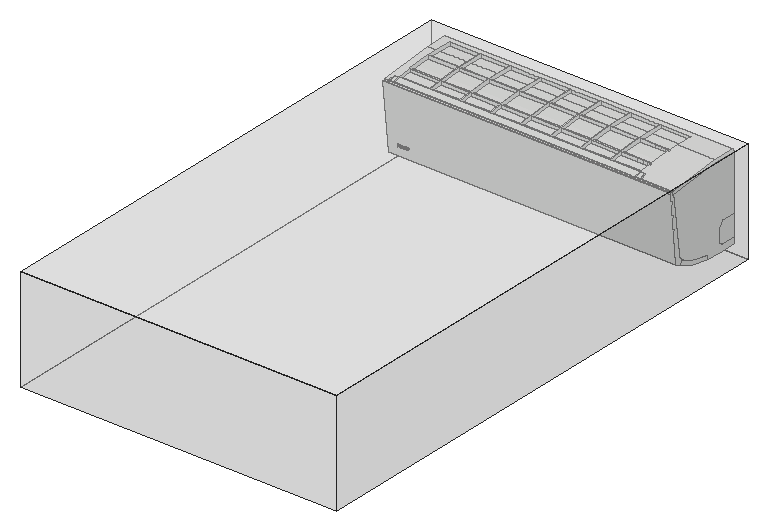
Revit family "outputfile", category 機械設備, Revit 2024 (continued)
Definition of nested family "DAIKIN_indoorunit_FTKF-CVA"
  Cuts and joins
    Extrusion 48, Extrusion 50 cuts Extrusion 38
    Extrusion 50 cuts Extrusion 49
    Extrusion 52, Extrusion 54 cuts Extrusion 2
    Extrusion 52, Extrusion 54 cuts Extrusion 6
    Extrusion 54 cuts Extrusion 53
    Extrusion 47 cuts Extrusion 46
  Lines and regions (mm)
    reference lines
      curve 1: line (-523, -203.827, -201.479) -> (-523, -197.847, -215.327)
      curve 2: line (-523, -218.956, -203.806) -> (-523, -217.93, -217.251)
      curve 3: line (-523, -253.284, -206.176) -> (-523, -252.024, -219.601)
  Dimensions and locks
    locked: Extrusion 9 sketch curve to Extrusion 9 sketch curve at 60
    locked: Extrusion 9 sketch curve to Extrusion 9 sketch curve at 50
    locked: Extrusion 11 sketch curve to Extrusion 11 sketch curve at 48.5
    equal spacing: plane 5, plane 3 "Center (Left/Right)", plane 4
    "Width": plane 5 to plane 4
    locked: Extrusion 8 sketch curve to plane 4 at 48
    "WALL HOLE-R": plane 5 to Extrusion 8 sketch curve
    "Height": plane 2 "reference_level" to plane 6
    locked: Extrusion 8 sketch curve to plane 6 at 45  (x2)
    Extrusion 13 to nested 2 = 36.0 mm
    locked: Extrusion 19 sketch curve to Extrusion 19 sketch curve at 60
    locked: Extrusion 20 sketch curve to Extrusion 20 sketch curve at 60
    Extrusion 21 sketch curve to Extrusion 21 sketch curve = 52.0 mm  (x2)
    Extrusion 11 sketch curve to Extrusion 11 sketch curve to plane 3 "Center (Left/Right)" = 60.0 mm locked, 286.0 mm locked
    plane 3 "Center (Left/Right)" to Extrusion 11 sketch curve to Extrusion 11 sketch curve = 259.0 mm locked, 60.0 mm locked
    Extrusion 21 sketch curve to Extrusion 21 sketch curve to plane 3 "Center (Left/Right)" to Extrusion 21 sketch curve to Extrusion 21 sketch curve = 60.0 mm, 309.0 mm, 309.0 mm, 60.0 mm
    Extrusion 42 sketch curve to plane 1 "Center (Front/Back)" = 61.8 mm
    Extrusion 42 sketch curve to Extrusion 42 sketch curve to plane 3 "Center (Left/Right)" to Extrusion 42 sketch curve to Extrusion 42 sketch curve = 73.5 mm locked, 395.5 mm locked, 395.5 mm locked, 73.5 mm locked
    aligned and locked: level to plane 2 "reference_level"
    aligned and locked: Extrusion 11 sketch curve to Extrusion 11 sketch curve  (x2)
    aligned and locked: Extrusion 8 to plane 1 "Center (Front/Back)"
    aligned and locked: nested 2 to curve 2
    aligned and locked: nested 3 to curve 3
    aligned and locked: Extrusion 42 sketch curve to Extrusion 42 sketch curve
  Automatic sketch dimensions
    Extrusion 4 sketch curve to plane 1 "Center (Front/Back)" = 0.0 mm
    plane 1 "Center (Front/Back)" to Extrusion 4 sketch curve = 2.596 mm
    plane 1 "Center (Front/Back)" to Extrusion 4 sketch curve = 22.05 mm
    Extrusion 4 sketch curve to level = 8.0 mm
    Extrusion 4 sketch curve to Extrusion 4 sketch curve = 87.469 mm
    Extrusion 4 sketch curve to Extrusion 4 sketch curve = 23.928 mm
    Extrusion 4 sketch curve to Extrusion 4 sketch curve = 26.307 mm
    Extrusion 4 sketch curve to Extrusion 4 sketch curve = 83.5 mm
    Extrusion 4 sketch curve to level = 28.539 mm
    Extrusion 4 sketch curve to Extrusion 4 sketch curve = 91.44 mm
    Extrusion 4 sketch curve to Extrusion 4 sketch curve = 12.229 mm
    Extrusion 4 sketch curve to Extrusion 4 sketch curve = 32.705 mm
    Extrusion 4 sketch curve to level = 43.491 mm
    Extrusion 4 sketch curve to Extrusion 4 sketch curve = 3.707 mm
    Extrusion 4 sketch curve to Extrusion 4 sketch curve = 52.472 mm
    Extrusion 4 sketch curve to Extrusion 4 sketch curve = 0.0 mm
    plane 1 "Center (Front/Back)" to Extrusion 5 sketch curve = 192.48 mm
    Extrusion 5 sketch curve to Extrusion 5 sketch curve = 11.872 mm
    Extrusion 5 sketch curve to Extrusion 5 sketch curve = 65.26 mm
    Extrusion 5 sketch curve to Extrusion 5 sketch curve = 0.31 mm  (x2)
    Extrusion 5 sketch curve to Extrusion 5 sketch curve = 66.449 mm
    plane 1 "Center (Front/Back)" to Extrusion 5 sketch curve = 22.36 mm
    Extrusion 5 sketch curve to level = 276.027 mm
    Extrusion 5 sketch curve to Extrusion 5 sketch curve = 10.915 mm
    Extrusion 5 sketch curve to Extrusion 5 sketch curve = 42.154 mm
    Extrusion 5 sketch curve to Extrusion 5 sketch curve = 1.37 mm
    Extrusion 5 sketch curve to Extrusion 5 sketch curve = 54.088 mm
    Extrusion 5 sketch curve to Extrusion 5 sketch curve = 0.0 mm  (x2)
    Extrusion 5 sketch curve to level = 43.491 mm
    plane 1 "Center (Front/Back)" to Extrusion 6 sketch curve = 192.48 mm
    Extrusion 6 sketch curve to Extrusion 6 sketch curve = 11.872 mm
    Extrusion 6 sketch curve to Extrusion 6 sketch curve = 65.26 mm
    Extrusion 6 sketch curve to Extrusion 6 sketch curve = 0.31 mm  (x2)
    Extrusion 6 sketch curve to Extrusion 6 sketch curve = 66.449 mm
    plane 1 "Center (Front/Back)" to Extrusion 6 sketch curve = 22.36 mm
    Extrusion 6 sketch curve to level = 276.027 mm
    Extrusion 6 sketch curve to Extrusion 6 sketch curve = 10.915 mm
    Extrusion 6 sketch curve to Extrusion 6 sketch curve = 42.154 mm
    Extrusion 6 sketch curve to Extrusion 6 sketch curve = 1.37 mm
    Extrusion 6 sketch curve to Extrusion 6 sketch curve = 54.088 mm
    Extrusion 6 sketch curve to Extrusion 6 sketch curve = 0.0 mm  (x2)
    Extrusion 6 sketch curve to level = 43.491 mm
    plane 1 "Center (Front/Back)" to Extrusion 7 sketch curve = 72.419 mm
    Extrusion 7 sketch curve to plane 3 "Center (Left/Right)" = 324.633 mm
    Extrusion 7 sketch curve to Extrusion 7 sketch curve = 0.0 mm  (x39)
    plane 1 "Center (Front/Back)" to Extrusion 7 sketch curve = 75.939 mm
    Extrusion 7 sketch curve to Extrusion 7 sketch curve = 20.633 mm  (x2)
    plane 1 "Center (Front/Back)" to Extrusion 7 sketch curve = 74.9 mm
    plane 1 "Center (Front/Back)" to Extrusion 7 sketch curve = 142.3 mm
    Extrusion 7 sketch curve to Extrusion 7 sketch curve = 24.633 mm
    Extrusion 7 sketch curve to Extrusion 7 sketch curve = 69.1 mm
    plane 1 "Center (Front/Back)" to Extrusion 7 sketch curve = 24.5 mm  (x4)
    Extrusion 7 sketch curve to Extrusion 7 sketch curve = 1.4 mm  (x23)
    Extrusion 7 sketch curve to Extrusion 7 sketch curve = 86.6 mm
    Extrusion 7 sketch curve to Extrusion 7 sketch curve = 70.6 mm
    Extrusion 7 sketch curve to Extrusion 7 sketch curve = 20.0 mm  (x4)
    plane 3 "Center (Left/Right)" to Extrusion 7 sketch curve = 36.5 mm  (x2)
    Extrusion 7 sketch curve to Extrusion 7 sketch curve = 87.0 mm
    Extrusion 7 sketch curve to Extrusion 7 sketch curve = 69.717 mm
    Extrusion 7 sketch curve to Extrusion 7 sketch curve = 1.026 mm
    Extrusion 7 sketch curve to Extrusion 7 sketch curve = 38.883 mm
    Extrusion 7 sketch curve to Extrusion 7 sketch curve = 39.104 mm
    Extrusion 7 sketch curve to Extrusion 7 sketch curve = 1.291 mm
    Extrusion 7 sketch curve to Extrusion 7 sketch curve = 1.048 mm  (x5)
    Extrusion 7 sketch curve to Extrusion 7 sketch curve = 41.2 mm
    Extrusion 7 sketch curve to Extrusion 7 sketch curve = 3.496 mm  (x2)
    Extrusion 7 sketch curve to Extrusion 7 sketch curve = 3.508 mm
    Extrusion 7 sketch curve to Extrusion 7 sketch curve = 63.904 mm
    Extrusion 7 sketch curve to Extrusion 7 sketch curve = 66.0 mm
    Extrusion 7 sketch curve to Extrusion 7 sketch curve = 3.386 mm
    Extrusion 9 sketch curve to plane 1 "Center (Front/Back)" = 0.0 mm
    Extrusion 9 sketch curve to Extrusion 9 sketch curve = 20.0 mm  (x2)
    Extrusion 9 sketch curve to level = 273.0 mm
    plane 1 "Center (Front/Back)" to Extrusion 11 sketch curve = 0.0 mm
    Extrusion 11 sketch curve to Extrusion 11 sketch curve = 18.5 mm  (x3)
    Extrusion 11 sketch curve to Extrusion 11 sketch curve = 23.0 mm
    Extrusion 12 sketch curve to level = 0.0 mm
    Extrusion 12 sketch curve to plane 1 "Center (Front/Back)" = 0.0 mm
    plane 1 "Center (Front/Back)" to Extrusion 12 sketch curve = 5.0 mm
    Extrusion 12 sketch curve to plane 1 "Center (Front/Back)" = 14.977 mm
    Extrusion 12 sketch curve to level = 9.02 mm
    Extrusion 12 sketch curve to level = 11.0 mm
    level to Extrusion 12 sketch curve = 9.314 mm
    plane 1 "Center (Front/Back)" to Extrusion 14 sketch curve = 23.5 mm  (x3)
    Extrusion 14 sketch curve to plane 3 "Center (Left/Right)" = 355.499 mm
    Extrusion 14 sketch curve to Extrusion 14 sketch curve = 0.0 mm  (x34)
    Extrusion 14 sketch curve to Extrusion 14 sketch curve = 101.5 mm
    Extrusion 14 sketch curve to Extrusion 14 sketch curve = 2.6 mm  (x8)
    Extrusion 14 sketch curve to Extrusion 14 sketch curve = 99.5 mm  (x2)
    Extrusion 14 sketch curve to plane 3 "Center (Left/Right)" = 54.549 mm
    Extrusion 14 sketch curve to Extrusion 14 sketch curve = 12.0 mm  (x7)
    plane 3 "Center (Left/Right)" to Extrusion 14 sketch curve = 52.301 mm  (x2)
    Extrusion 14 sketch curve to Extrusion 14 sketch curve = 73.2 mm  (x2)
    Extrusion 14 sketch curve to Extrusion 14 sketch curve = 2.4 mm  (x6)
    Extrusion 14 sketch curve to Extrusion 14 sketch curve = 71.0 mm  (x3)
    Extrusion 14 sketch curve to Extrusion 14 sketch curve = 1.6 mm  (x6)
    Extrusion 14 sketch curve to Extrusion 14 sketch curve = 30.0 mm  (x3)
    plane 1 "Center (Front/Back)" to Extrusion 15 sketch curve = 194.856 mm
    Extrusion 15 sketch curve to Extrusion 15 sketch curve = 9.074 mm
    Extrusion 15 sketch curve to Extrusion 15 sketch curve = 86.508 mm
    level to Extrusion 15 sketch curve = 11.72 mm
    plane 1 "Center (Front/Back)" to Extrusion 15 sketch curve = 52.895 mm
    Extrusion 15 sketch curve to Extrusion 15 sketch curve = 0.004 mm
    Extrusion 15 sketch curve to Extrusion 15 sketch curve = 0.033 mm
    Extrusion 15 sketch curve to level = 244.604 mm
    Extrusion 15 sketch curve to Extrusion 15 sketch curve = 7.382 mm
    plane 1 "Center (Front/Back)" to Extrusion 16 sketch curve = 194.856 mm
    Extrusion 16 sketch curve to Extrusion 16 sketch curve = 9.074 mm
    Extrusion 16 sketch curve to Extrusion 16 sketch curve = 86.508 mm
    level to Extrusion 16 sketch curve = 11.72 mm
    plane 1 "Center (Front/Back)" to Extrusion 16 sketch curve = 52.895 mm
    Extrusion 16 sketch curve to Extrusion 16 sketch curve = 0.004 mm
    Extrusion 16 sketch curve to level = 244.604 mm
    Extrusion 16 sketch curve to Extrusion 16 sketch curve = 7.382 mm
    Extrusion 16 sketch curve to Extrusion 16 sketch curve = 10.901 mm
    plane 1 "Center (Front/Back)" to Extrusion 17 sketch curve = 194.856 mm
    Extrusion 17 sketch curve to Extrusion 17 sketch curve = 9.074 mm
    Extrusion 17 sketch curve to Extrusion 17 sketch curve = 86.508 mm
    level to Extrusion 17 sketch curve = 11.72 mm
    plane 1 "Center (Front/Back)" to Extrusion 17 sketch curve = 52.895 mm
    Extrusion 17 sketch curve to Extrusion 17 sketch curve = 0.004 mm
    Extrusion 17 sketch curve to level = 244.604 mm
    Extrusion 17 sketch curve to Extrusion 17 sketch curve = 7.382 mm
    Extrusion 17 sketch curve to Extrusion 17 sketch curve = 10.901 mm
    Extrusion 19 sketch curve to plane 1 "Center (Front/Back)" = 0.0 mm
    Extrusion 19 sketch curve to Extrusion 19 sketch curve = 32.8 mm
    plane 1 "Center (Front/Back)" to Extrusion 19 sketch curve = 32.8 mm
    Extrusion 19 sketch curve to Extrusion 19 sketch curve = 19.2 mm
    Extrusion 19 sketch curve to level = 269.6 mm
    Extrusion 20 sketch curve to plane 1 "Center (Front/Back)" = 0.0 mm
    Extrusion 20 sketch curve to Extrusion 20 sketch curve = 32.8 mm  (x2)
    Extrusion 20 sketch curve to Extrusion 20 sketch curve = 19.2 mm
    Extrusion 20 sketch curve to level = 269.6 mm
    plane 1 "Center (Front/Back)" to Extrusion 21 sketch curve = 0.0 mm  (x2)
    Extrusion 21 sketch curve to Extrusion 21 sketch curve = 20.0 mm  (x4)
    Extrusion 22 sketch curve to plane 3 "Center (Left/Right)" = 339.0 mm
    plane 3 "Center (Left/Right)" to Extrusion 22 sketch curve = 231.0 mm
    plane 1 "Center (Front/Back)" to Extrusion 22 sketch curve = 202.769 mm
    Extrusion 22 sketch curve to Extrusion 22 sketch curve = 17.012 mm
    Extrusion 23 sketch curve to plane 3 "Center (Left/Right)" = 339.0 mm
    Extrusion 23 sketch curve to Extrusion 23 sketch curve = 15.0 mm  (x2)
    plane 3 "Center (Left/Right)" to Extrusion 23 sketch curve = 216.0 mm
    plane 1 "Center (Front/Back)" to Extrusion 23 sketch curve = 202.757 mm  (x2)
    Extrusion 23 sketch curve to Extrusion 23 sketch curve = 17.0 mm  (x2)
    Extrusion 24 sketch curve to plane 3 "Center (Left/Right)" = 324.0 mm
    Extrusion 24 sketch curve to Extrusion 24 sketch curve = 43.629 mm
    Extrusion 24 sketch curve to Extrusion 24 sketch curve = 1.5 mm  (x9)
    Extrusion 24 sketch curve to Extrusion 24 sketch curve = 21.542 mm  (x3)
    Extrusion 24 sketch curve to plane 3 "Center (Left/Right)" = 123.621 mm
    Extrusion 24 sketch curve to plane 3 "Center (Left/Right)" = 9.121 mm
    plane 3 "Center (Left/Right)" to Extrusion 24 sketch curve = 13.921 mm
    Extrusion 24 sketch curve to Extrusion 24 sketch curve = 132.208 mm
    Extrusion 24 sketch curve to Extrusion 24 sketch curve = 43.829 mm
    plane 1 "Center (Front/Back)" to Extrusion 24 sketch curve = 202.757 mm
    plane 1 "Center (Front/Back)" to Extrusion 24 sketch curve = 195.757 mm
    Extrusion 24 sketch curve to Extrusion 24 sketch curve = 7.0 mm  (x2)
    Extrusion 24 sketch curve to Extrusion 24 sketch curve = 3.5 mm  (x4)
    Extrusion 24 sketch curve to Extrusion 24 sketch curve = 12.0 mm
    Extrusion 26 sketch curve to plane 3 "Center (Left/Right)" = 373.412 mm
    Extrusion 26 sketch curve to Extrusion 26 sketch curve = 1.011 mm
    Extrusion 26 sketch curve to Extrusion 26 sketch curve = 15.228 mm
    Extrusion 26 sketch curve to Extrusion 26 sketch curve = 0.132 mm
    plane 3 "Center (Left/Right)" to Extrusion 26 sketch curve = 259.015 mm
    Extrusion 26 sketch curve to Extrusion 26 sketch curve = 0.133 mm
    Extrusion 26 sketch curve to Extrusion 26 sketch curve = 15.197 mm
    Extrusion 26 sketch curve to Extrusion 26 sketch curve = 16.358 mm
    plane 1 "Center (Front/Back)" to Extrusion 26 sketch curve = 238.673 mm
    Extrusion 26 sketch curve to Extrusion 26 sketch curve = 34.983 mm
    Extrusion 26 sketch curve to Extrusion 26 sketch curve = 3.79 mm  (x2)
    plane 3 "Center (Left/Right)" to Extrusion 26 sketch curve = 247.689 mm
    plane 1 "Center (Front/Back)" to Extrusion 26 sketch curve = 58.091 mm
    Extrusion 27 sketch curve to plane 3 "Center (Left/Right)" = 373.099 mm
    Extrusion 27 sketch curve to Extrusion 27 sketch curve = 0.698 mm
    Extrusion 27 sketch curve to Extrusion 27 sketch curve = 15.228 mm
    Extrusion 27 sketch curve to Extrusion 27 sketch curve = 0.132 mm
    Extrusion 27 sketch curve to Extrusion 27 sketch curve = 1.99 mm
    plane 3 "Center (Left/Right)" to Extrusion 27 sketch curve = 257.001 mm
    Extrusion 27 sketch curve to Extrusion 27 sketch curve = 2.014 mm
    Extrusion 27 sketch curve to Extrusion 27 sketch curve = 0.133 mm
    Extrusion 27 sketch curve to Extrusion 27 sketch curve = 15.196 mm
    Extrusion 27 sketch curve to Extrusion 27 sketch curve = 18.053 mm
    plane 1 "Center (Front/Back)" to Extrusion 27 sketch curve = 226.673 mm  (x2)
    Extrusion 27 sketch curve to Extrusion 27 sketch curve = 22.983 mm  (x2)
    Extrusion 27 sketch curve to Extrusion 27 sketch curve = 3.79 mm  (x2)
    Extrusion 28 sketch curve to plane 3 "Center (Left/Right)" = 355.05 mm
    plane 3 "Center (Left/Right)" to Extrusion 28 sketch curve = 257.001 mm
    plane 1 "Center (Front/Back)" to Extrusion 28 sketch curve = 226.673 mm
    Extrusion 28 sketch curve to Extrusion 28 sketch curve = 22.983 mm
    Extrusion 29 sketch curve to level = 0.0 mm
    Extrusion 29 sketch curve to level = 30.0 mm
    plane 1 "Center (Front/Back)" to Extrusion 29 sketch curve = 238.673 mm
    Extrusion 29 sketch curve to Extrusion 29 sketch curve = 38.773 mm
    Extrusion 29 sketch curve to Extrusion 29 sketch curve = 0.0 mm  (x2)
    plane 1 "Center (Front/Back)" to Extrusion 29 sketch curve = 45.84 mm
    Extrusion 29 sketch curve to plane 1 "Center (Front/Back)" = 14.977 mm
    Extrusion 29 sketch curve to Extrusion 29 sketch curve = 994.66 mm
    Extrusion 29 sketch curve to Extrusion 29 sketch curve = 0.163 mm
    Extrusion 29 sketch curve to Extrusion 29 sketch curve = 7.224 mm
    Extrusion 29 sketch curve to level = 11.646 mm
    level to Extrusion 29 sketch curve = 9.314 mm
    Extrusion 29 sketch curve to Extrusion 29 sketch curve = 13.398 mm
    Extrusion 30 sketch curve to Extrusion 30 sketch curve = 0.0 mm  (x2)
    plane 1 "Center (Front/Back)" to Extrusion 30 sketch curve = 189.887 mm
    Extrusion 30 sketch curve to Extrusion 30 sketch curve = 11.307 mm
    Extrusion 30 sketch curve to Extrusion 30 sketch curve = 46.464 mm
    Extrusion 30 sketch curve to Extrusion 30 sketch curve = 21.724 mm
    Extrusion 30 sketch curve to level = 277.1 mm
    Extrusion 30 sketch curve to Extrusion 30 sketch curve = 22.499 mm
    Extrusion 31 sketch curve to Extrusion 31 sketch curve = 0.0 mm  (x2)
    plane 1 "Center (Front/Back)" to Extrusion 31 sketch curve = 189.887 mm
    Extrusion 31 sketch curve to Extrusion 31 sketch curve = 11.307 mm
    Extrusion 31 sketch curve to Extrusion 31 sketch curve = 46.464 mm
    Extrusion 31 sketch curve to Extrusion 31 sketch curve = 21.724 mm
    Extrusion 31 sketch curve to level = 277.1 mm
    Extrusion 31 sketch curve to Extrusion 31 sketch curve = 22.499 mm
    Extrusion 32 sketch curve to Extrusion 32 sketch curve = 0.0 mm  (x2)
    plane 1 "Center (Front/Back)" to Extrusion 32 sketch curve = 185.929 mm
    Extrusion 32 sketch curve to Extrusion 32 sketch curve = 6.899 mm
    Extrusion 32 sketch curve to Extrusion 32 sketch curve = 9.219 mm
    Extrusion 32 sketch curve to Extrusion 32 sketch curve = 7.915 mm
    Extrusion 32 sketch curve to level = 264.005 mm
    Extrusion 32 sketch curve to Extrusion 32 sketch curve = 7.405 mm
    Extrusion 33 sketch curve to Extrusion 33 sketch curve = 0.0 mm  (x2)
    plane 1 "Center (Front/Back)" to Extrusion 33 sketch curve = 185.929 mm
    Extrusion 33 sketch curve to Extrusion 33 sketch curve = 6.899 mm
    Extrusion 33 sketch curve to Extrusion 33 sketch curve = 9.219 mm
    Extrusion 33 sketch curve to Extrusion 33 sketch curve = 7.915 mm
    Extrusion 33 sketch curve to level = 264.005 mm
    Extrusion 33 sketch curve to Extrusion 33 sketch curve = 7.405 mm
    plane 1 "Center (Front/Back)" to Extrusion 36 sketch curve = 233.849 mm
    Extrusion 36 sketch curve to Extrusion 36 sketch curve = 11.574 mm
    Extrusion 36 sketch curve to Extrusion 36 sketch curve = 106.825 mm
    Extrusion 36 sketch curve to Extrusion 36 sketch curve = 0.0 mm
    level to Extrusion 36 sketch curve = 3.941 mm
    plane 1 "Center (Front/Back)" to Extrusion 36 sketch curve = 90.201 mm
    Extrusion 36 sketch curve to Extrusion 36 sketch curve = 0.002 mm
    Extrusion 36 sketch curve to Extrusion 36 sketch curve = 0.776 mm
    Extrusion 36 sketch curve to level = 250.06 mm
    Extrusion 36 sketch curve to Extrusion 36 sketch curve = 9.301 mm
    Extrusion 36 sketch curve to Extrusion 36 sketch curve = 31.169 mm
    Extrusion 36 sketch curve to Extrusion 36 sketch curve = 13.702 mm
    Extrusion 36 sketch curve to Extrusion 36 sketch curve = 27.641 mm
    plane 1 "Center (Front/Back)" to Extrusion 37 sketch curve = 233.849 mm
    Extrusion 37 sketch curve to Extrusion 37 sketch curve = 11.574 mm
    Extrusion 37 sketch curve to Extrusion 37 sketch curve = 106.825 mm
    Extrusion 37 sketch curve to Extrusion 37 sketch curve = 0.0 mm
    level to Extrusion 37 sketch curve = 3.941 mm
    plane 1 "Center (Front/Back)" to Extrusion 37 sketch curve = 90.201 mm
    Extrusion 37 sketch curve to Extrusion 37 sketch curve = 0.002 mm
    Extrusion 37 sketch curve to Extrusion 37 sketch curve = 0.776 mm
    Extrusion 37 sketch curve to level = 250.06 mm
    Extrusion 37 sketch curve to Extrusion 37 sketch curve = 9.301 mm
    Extrusion 37 sketch curve to Extrusion 37 sketch curve = 31.169 mm
    Extrusion 37 sketch curve to Extrusion 37 sketch curve = 13.702 mm
    Extrusion 37 sketch curve to Extrusion 37 sketch curve = 27.641 mm
    plane 1 "Center (Front/Back)" to Extrusion 38 sketch curve = 233.849 mm
    Extrusion 38 sketch curve to Extrusion 38 sketch curve = 11.574 mm
    Extrusion 38 sketch curve to Extrusion 38 sketch curve = 106.825 mm
    Extrusion 38 sketch curve to Extrusion 38 sketch curve = 0.0 mm
    level to Extrusion 38 sketch curve = 3.941 mm
    plane 1 "Center (Front/Back)" to Extrusion 38 sketch curve = 90.201 mm
    Extrusion 38 sketch curve to Extrusion 38 sketch curve = 0.002 mm
    Extrusion 38 sketch curve to Extrusion 38 sketch curve = 0.776 mm
    Extrusion 38 sketch curve to level = 250.06 mm
    Extrusion 38 sketch curve to Extrusion 38 sketch curve = 9.301 mm
    Extrusion 38 sketch curve to Extrusion 38 sketch curve = 31.169 mm
    Extrusion 38 sketch curve to Extrusion 38 sketch curve = 13.702 mm
    Extrusion 38 sketch curve to Extrusion 38 sketch curve = 27.641 mm
    Extrusion 40 sketch curve to plane 1 "Center (Front/Back)" = 0.0 mm
    plane 1 "Center (Front/Back)" to Extrusion 40 sketch curve = 41.8 mm
    Extrusion 40 sketch curve to Extrusion 40 sketch curve = 0.0 mm  (x2)
    Extrusion 40 sketch curve to Extrusion 40 sketch curve = 20.0 mm
    Extrusion 40 sketch curve to level = 275.5 mm
    Extrusion 40 sketch curve to Extrusion 40 sketch curve = 33.5 mm
    Extrusion 41 sketch curve to plane 1 "Center (Front/Back)" = 0.0 mm
    plane 1 "Center (Front/Back)" to Extrusion 41 sketch curve = 41.8 mm
    Extrusion 41 sketch curve to Extrusion 41 sketch curve = 0.0 mm
    Extrusion 41 sketch curve to Extrusion 41 sketch curve = 20.0 mm
    Extrusion 41 sketch curve to level = 202.0 mm
    Extrusion 41 sketch curve to Extrusion 41 sketch curve = 33.5 mm
    plane 1 "Center (Front/Back)" to Extrusion 42 sketch curve = 0.0 mm  (x2)
    Extrusion 42 sketch curve to Extrusion 42 sketch curve = 20.0 mm  (x4)
    plane 3 "Center (Left/Right)" to Extrusion 44 sketch curve = 380.0 mm
    Extrusion 46 sketch curve to plane 3 "Center (Left/Right)" = 466.5 mm
    plane 3 "Center (Left/Right)" to Extrusion 46 sketch curve = 366.0 mm
    plane 1 "Center (Front/Back)" to Extrusion 46 sketch curve = 264.436 mm
    Extrusion 46 sketch curve to Extrusion 46 sketch curve = 25.436 mm
    Extrusion 47 sketch curve to level = 33.272 mm
    Extrusion 47 sketch curve to level = 22.853 mm
    level to Extrusion 47 sketch curve = 5.0 mm
    Extrusion 48 sketch curve to Extrusion 48 sketch curve = 20.148 mm
    Extrusion 48 sketch curve to Extrusion 48 sketch curve = 44.745 mm
    Extrusion 48 sketch curve to Extrusion 48 sketch curve = 22.502 mm
    level to Extrusion 48 sketch curve = 6.546 mm
    plane 1 "Center (Front/Back)" to Extrusion 48 sketch curve = 89.423 mm
    Extrusion 48 sketch curve to Extrusion 48 sketch curve = 0.0 mm  (x2)
    Extrusion 48 sketch curve to Extrusion 48 sketch curve = 11.127 mm
    Extrusion 49 sketch curve to Extrusion 49 sketch curve = 0.0 mm  (x2)
    level to Extrusion 49 sketch curve = 6.546 mm
    plane 1 "Center (Front/Back)" to Extrusion 49 sketch curve = 89.423 mm
    Extrusion 49 sketch curve to level = 261.498 mm
    Extrusion 49 sketch curve to Extrusion 49 sketch curve = 11.127 mm
    Extrusion 49 sketch curve to Extrusion 49 sketch curve = 64.893 mm
    Extrusion 49 sketch curve to Extrusion 49 sketch curve = 20.148 mm
    Extrusion 50 sketch curve to Extrusion 50 sketch curve = 8.97 mm
    Extrusion 50 sketch curve to Extrusion 50 sketch curve = 7.404 mm
    level to Extrusion 50 sketch curve = 6.546 mm
    Extrusion 50 sketch curve to Extrusion 50 sketch curve = 6.785 mm
    Extrusion 50 sketch curve to Extrusion 50 sketch curve = 7.726 mm
    Extrusion 50 sketch curve to Extrusion 50 sketch curve = 0.0 mm  (x2)
    plane 1 "Center (Front/Back)" to Extrusion 50 sketch curve = 89.423 mm
    Extrusion 51 sketch curve to Extrusion 51 sketch curve = 0.0 mm  (x2)
    level to Extrusion 51 sketch curve = 6.546 mm
    plane 1 "Center (Front/Back)" to Extrusion 51 sketch curve = 89.423 mm
    Extrusion 51 sketch curve to level = 263.5 mm
    Extrusion 51 sketch curve to Extrusion 51 sketch curve = 6.785 mm
    Extrusion 51 sketch curve to Extrusion 51 sketch curve = 16.697 mm
    Extrusion 51 sketch curve to Extrusion 51 sketch curve = 7.726 mm
    Extrusion 10 sketch curve to plane 1 "Center (Front/Back)" = 0.0 mm
    plane 1 "Center (Front/Back)" to Extrusion 10 sketch curve = 30.0 mm
    Extrusion 10 sketch curve to Extrusion 10 sketch curve = 0.0 mm
    Extrusion 10 sketch curve to Extrusion 10 sketch curve = 20.0 mm  (x2)
    Extrusion 10 sketch curve to level = 273.0 mm
    Extrusion 3 sketch curve to level = 13.692 mm
    plane 1 "Center (Front/Back)" to Extrusion 3 sketch curve = 211.618 mm
    Extrusion 3 sketch curve to Extrusion 3 sketch curve = 0.618 mm
    Extrusion 3 sketch curve to Extrusion 3 sketch curve = 1.902 mm
    Extrusion 3 sketch curve to Extrusion 3 sketch curve = 2.0 mm
    Extrusion 3 sketch curve to level = 10.816 mm
    Extrusion 3 sketch curve to Extrusion 3 sketch curve = 8.849 mm
    Extrusion 3 sketch curve to Extrusion 3 sketch curve = 2.652 mm
    Extrusion 3 sketch curve to Extrusion 3 sketch curve = 151.871 mm
    Extrusion 3 sketch curve to Extrusion 3 sketch curve = 95.0 mm
    Extrusion 3 sketch curve to Extrusion 3 sketch curve = 10.31 mm
    Extrusion 3 sketch curve to Extrusion 3 sketch curve = 6.572 mm
    Extrusion 3 sketch curve to Extrusion 3 sketch curve = 0.097 mm
    Extrusion 3 sketch curve to Extrusion 3 sketch curve = 0.31 mm
    Extrusion 3 sketch curve to Extrusion 3 sketch curve = 11.812 mm
    plane 1 "Center (Front/Back)" to Extrusion 2 sketch curve = 115.348 mm
    plane 1 "Center (Front/Back)" to Extrusion 2 sketch curve = 22.36 mm
    Extrusion 2 sketch curve to level = 167.5 mm
    Extrusion 2 sketch curve to level = 43.491 mm
    Extrusion 2 sketch curve to Extrusion 2 sketch curve = 1.189 mm
    Extrusion 2 sketch curve to Extrusion 2 sketch curve = 58.182 mm
    Extrusion 2 sketch curve to Extrusion 2 sketch curve = 0.0 mm  (x4)
    Extrusion 2 sketch curve to Extrusion 2 sketch curve = 20.14 mm
    Extrusion 2 sketch curve to Extrusion 2 sketch curve = 0.31 mm  (x2)
    Extrusion 2 sketch curve to Extrusion 2 sketch curve = 11.872 mm
    Extrusion 2 sketch curve to Extrusion 2 sketch curve = 6.31 mm
    Extrusion 52 sketch curve to Extrusion 52 sketch curve = 0.0 mm  (x5)
    Extrusion 52 sketch curve to Extrusion 52 sketch curve = 52.75 mm
    plane 1 "Center (Front/Back)" to Extrusion 52 sketch curve = 22.36 mm
    Extrusion 52 sketch curve to Extrusion 52 sketch curve = 35.994 mm
    Extrusion 52 sketch curve to Extrusion 52 sketch curve = 64.506 mm
    Extrusion 52 sketch curve to level = 43.491 mm
    Extrusion 52 sketch curve to Extrusion 52 sketch curve = 6.981 mm
    Extrusion 52 sketch curve to Extrusion 52 sketch curve = 5.769 mm
    Extrusion 52 sketch curve to Extrusion 52 sketch curve = 3.0 mm
    Extrusion 52 sketch curve to Extrusion 52 sketch curve = 11.895 mm
    plane 1 "Center (Front/Back)" to Extrusion 53 sketch curve = 22.36 mm
    Extrusion 53 sketch curve to level = 43.491 mm
    Extrusion 53 sketch curve to Extrusion 53 sketch curve = 5.097 mm
    Extrusion 53 sketch curve to Extrusion 53 sketch curve = 48.896 mm
    Extrusion 53 sketch curve to Extrusion 53 sketch curve = 0.0 mm  (x6)
    Extrusion 53 sketch curve to Extrusion 53 sketch curve = 8.769 mm
    Extrusion 53 sketch curve to Extrusion 53 sketch curve = 11.895 mm
    Extrusion 53 sketch curve to Extrusion 53 sketch curve = 6.981 mm
    Extrusion 53 sketch curve to Extrusion 53 sketch curve = 3.0 mm
    Extrusion 54 sketch curve to Extrusion 54 sketch curve = 0.0 mm  (x6)
    Extrusion 54 sketch curve to Extrusion 54 sketch curve = 9.206 mm
    Extrusion 54 sketch curve to Extrusion 54 sketch curve = 61.422 mm
    plane 1 "Center (Front/Back)" to Extrusion 54 sketch curve = 22.36 mm
    Extrusion 54 sketch curve to Extrusion 54 sketch curve = 11.007 mm
    Extrusion 54 sketch curve to level = 43.491 mm
    Extrusion 54 sketch curve to Extrusion 54 sketch curve = 4.409 mm
    Extrusion 54 sketch curve to Extrusion 54 sketch curve = 1.8 mm
    Extrusion 54 sketch curve to Extrusion 54 sketch curve = 5.228 mm
    Extrusion 55 sketch curve to Extrusion 55 sketch curve = 61.422 mm
    Extrusion 55 sketch curve to level = 235.993 mm
    Extrusion 55 sketch curve to Extrusion 55 sketch curve = 4.409 mm
    Extrusion 55 sketch curve to Extrusion 55 sketch curve = 6.229 mm
    plane 1 "Center (Front/Back)" to Extrusion 55 sketch curve = 22.36 mm
    Extrusion 55 sketch curve to Extrusion 55 sketch curve = 0.0 mm  (x6)
    Extrusion 55 sketch curve to Extrusion 55 sketch curve = 8.205 mm
    Extrusion 55 sketch curve to Extrusion 55 sketch curve = 5.228 mm
    Extrusion 55 sketch curve to Extrusion 55 sketch curve = 1.8 mm
    Extrusion 25 sketch curve to Extrusion 25 sketch curve = 0.0 mm  (x4)
    Extrusion 25 sketch curve to level = 0.0 mm
    Extrusion 25 sketch curve to level = 35.0 mm
    plane 1 "Center (Front/Back)" to Extrusion 25 sketch curve = 205.202 mm
    Extrusion 25 sketch curve to Extrusion 25 sketch curve = 19.445 mm
    plane 1 "Center (Front/Back)" to Extrusion 25 sketch curve = 104.232 mm
    Extrusion 25 sketch curve to Extrusion 25 sketch curve = 209.941 mm
    Extrusion 25 sketch curve to Extrusion 25 sketch curve = 4.474 mm
    Extrusion 25 sketch curve to Extrusion 25 sketch curve = 8.811 mm
    Extrusion 12 sketch curve to Extrusion 12 sketch curve = 1.396 mm
    plane 1 "Center (Front/Back)" to Extrusion 12 sketch curve = 45.84 mm
    Extrusion 12 sketch curve to Extrusion 12 sketch curve = 0.0 mm
    Extrusion 12 sketch curve to Extrusion 12 sketch curve = 0.163 mm
    Extrusion 12 sketch curve to level = 26.758 mm
    Extrusion 18 sketch curve to plane 1 "Center (Front/Back)" = 0.0 mm
    level to Extrusion 18 sketch curve = 4.099 mm
    Extrusion 18 sketch curve to Extrusion 18 sketch curve = 0.857 mm
    Extrusion 18 sketch curve to Extrusion 18 sketch curve = 6.16 mm
    Extrusion 18 sketch curve to Extrusion 18 sketch curve = 46.473 mm
    Extrusion 18 sketch curve to Extrusion 18 sketch curve = 0.052 mm
    Extrusion 18 sketch curve to Extrusion 18 sketch curve = 69.066 mm
    Extrusion 18 sketch curve to Extrusion 18 sketch curve = 29.316 mm
    Extrusion 18 sketch curve to level = 26.762 mm
    Extrusion 18 sketch curve to Extrusion 18 sketch curve = 178.061 mm
    Extrusion 18 sketch curve to Extrusion 18 sketch curve = 4.015 mm
    Extrusion 18 sketch curve to Extrusion 18 sketch curve = 52.325 mm
    Extrusion 18 sketch curve to Extrusion 18 sketch curve = 11.703 mm
    Extrusion 18 sketch curve to Extrusion 18 sketch curve = 3.729 mm
    Extrusion 18 sketch curve to Extrusion 18 sketch curve = 7.779 mm
    Extrusion 18 sketch curve to level = 11.0 mm
    plane 1 "Center (Front/Back)" to Extrusion 18 sketch curve = 45.84 mm
    Extrusion 13 sketch curve to level = 15.416 mm
    plane 1 "Center (Front/Back)" to Extrusion 13 sketch curve = 197.648 mm
    Extrusion 13 sketch curve to Extrusion 13 sketch curve = 21.851 mm
    Extrusion 13 sketch curve to Extrusion 13 sketch curve = 8.255 mm
    plane 1 "Center (Front/Back)" to Extrusion 13 sketch curve = 46.245 mm
    Extrusion 13 sketch curve to Extrusion 13 sketch curve = 6.169 mm
    Extrusion 13 sketch curve to Extrusion 13 sketch curve = 10.292 mm
    Extrusion 13 sketch curve to Extrusion 13 sketch curve = 0.363 mm
    Extrusion 13 sketch curve to Extrusion 13 sketch curve = 1.994 mm
    Extrusion 13 sketch curve to Extrusion 13 sketch curve = 5.69 mm
    Extrusion 13 sketch curve to Extrusion 13 sketch curve = 20.433 mm
    Extrusion 13 sketch curve to Extrusion 13 sketch curve = 0.0 mm  (x3)
    Extrusion 13 sketch curve to Extrusion 13 sketch curve = 1.84 mm
    Extrusion 13 sketch curve to Extrusion 13 sketch curve = 9.251 mm
    Extrusion 13 sketch curve to Extrusion 13 sketch curve = 6.958 mm
    Extrusion 13 sketch curve to Extrusion 13 sketch curve = 0.157 mm
    Extrusion 13 sketch curve to level = 12.416 mm
    Extrusion 13 sketch curve to Extrusion 13 sketch curve = 201.658 mm
    Extrusion 34 sketch curve to plane 1 "Center (Front/Back)" = 0.0 mm
    Extrusion 34 sketch curve to level = 9.411 mm
    level to Extrusion 34 sketch curve = 0.0 mm
    plane 1 "Center (Front/Back)" to Extrusion 34 sketch curve = 5.217 mm
    Extrusion 34 sketch curve to Extrusion 34 sketch curve = 1.455 mm
    Extrusion 34 sketch curve to level = 10.748 mm
    Extrusion 34 sketch curve to Extrusion 34 sketch curve = 76.023 mm
    Extrusion 34 sketch curve to Extrusion 34 sketch curve = 0.06 mm
    Extrusion 34 sketch curve to level = 288.701 mm
    Extrusion 34 sketch curve to level = 18.596 mm
    Extrusion 34 sketch curve to Extrusion 34 sketch curve = 1.224 mm
    Extrusion 34 sketch curve to Extrusion 34 sketch curve = 3.693 mm
    Extrusion 34 sketch curve to level = 29.099 mm
    Extrusion 34 sketch curve to Extrusion 34 sketch curve = 1.436 mm
    Extrusion 35 sketch curve to plane 1 "Center (Front/Back)" = 0.0 mm
    plane 1 "Center (Front/Back)" to Extrusion 35 sketch curve = 61.8 mm
    Extrusion 35 sketch curve to level = 11.0 mm
    plane 1 "Center (Front/Back)" to Extrusion 35 sketch curve = 61.32 mm
    Extrusion 35 sketch curve to Extrusion 35 sketch curve = 52.85 mm
    Extrusion 35 sketch curve to Extrusion 35 sketch curve = 286.0 mm
    Extrusion 35 sketch curve to Extrusion 35 sketch curve = 2.004 mm
    Extrusion 35 sketch curve to Extrusion 35 sketch curve = 14.501 mm
    plane 1 "Center (Front/Back)" to Extrusion 35 sketch curve = 82.524 mm
    Extrusion 35 sketch curve to level = 29.099 mm
    Extrusion 35 sketch curve to level = 222.656 mm
    Extrusion 35 sketch curve to Extrusion 35 sketch curve = 43.948 mm
    Extrusion 35 sketch curve to Extrusion 35 sketch curve = 6.011 mm
    Extrusion 35 sketch curve to Extrusion 35 sketch curve = 14.16 mm
    level to Extrusion 35 sketch curve = 3.956 mm
    Extrusion 35 sketch curve to Extrusion 35 sketch curve = 28.88 mm
    Extrusion 35 sketch curve to Extrusion 35 sketch curve = 602.782 mm
    plane 1 "Center (Front/Back)" to Extrusion 39 sketch curve = 234.424 mm
    level to Extrusion 39 sketch curve = 23.59 mm
    plane 1 "Center (Front/Back)" to Extrusion 39 sketch curve = 83.906 mm
    Extrusion 39 sketch curve to level = 258.8 mm
    Extrusion 39 sketch curve to Extrusion 39 sketch curve = 14.508 mm
    Extrusion 39 sketch curve to Extrusion 39 sketch curve = 11.757 mm
    Extrusion 39 sketch curve to Extrusion 39 sketch curve = 9.554 mm
    Extrusion 39 sketch curve to Extrusion 39 sketch curve = 13.936 mm
    Extrusion 39 sketch curve to Extrusion 39 sketch curve = 26.899 mm
    Extrusion 39 sketch curve to Extrusion 39 sketch curve = 6.12 mm
    Extrusion 39 sketch curve to level = 18.854 mm
    Extrusion 39 sketch curve to level = 21.943 mm
    Extrusion 39 sketch curve to Extrusion 39 sketch curve = 7.064 mm
    plane 1 "Center (Front/Back)" to Extrusion 39 sketch curve = 81.184 mm
    Extrusion 39 sketch curve to Extrusion 39 sketch curve = 3.033 mm
    Extrusion 39 sketch curve to Extrusion 39 sketch curve = 0.318 mm
    Extrusion 39 sketch curve to Extrusion 39 sketch curve = 0.0 mm
    Extrusion 39 sketch curve to Extrusion 39 sketch curve = 1.499 mm
    curve 3 to level = 219.601 mm
    plane 1 "Center (Front/Back)" to curve 1 = 197.847 mm
    curve 3 to curve 2 = 2.35 mm
    curve 2 to curve 1 = 1.924 mm
    curve 3 to curve 3 = 13.425 mm
    curve 2 to curve 2 = 13.445 mm
    curve 1 to curve 1 = 13.848 mm
    curve 1 to curve 1 = 5.98 mm
    curve 1 to curve 2 = 20.083 mm
    curve 2 to curve 2 = 1.025 mm
    curve 2 to curve 3 = 34.094 mm
    curve 3 to curve 3 = 1.26 mm
    plane 1 "Center (Front/Back)" to Extrusion 43 sketch curve = 23.5 mm  (x4)
    Extrusion 43 sketch curve to plane 3 "Center (Left/Right)" = 465.5 mm
    Extrusion 43 sketch curve to Extrusion 43 sketch curve = 0.0 mm  (x44)
    Extrusion 43 sketch curve to Extrusion 43 sketch curve = 104.0 mm
    Extrusion 43 sketch curve to Extrusion 43 sketch curve = 2.5 mm  (x21)
    Extrusion 43 sketch curve to Extrusion 43 sketch curve = 101.0 mm  (x4)
    Extrusion 43 sketch curve to plane 3 "Center (Left/Right)" = 51.0 mm
    plane 3 "Center (Left/Right)" to Extrusion 43 sketch curve = 52.5 mm
    Extrusion 43 sketch curve to Extrusion 43 sketch curve = 57.7 mm
    Extrusion 43 sketch curve to Extrusion 43 sketch curve = 16.8 mm  (x3)
    Extrusion 43 sketch curve to Extrusion 43 sketch curve = 17.25 mm  (x3)
    Extrusion 43 sketch curve to Extrusion 43 sketch curve = 12.25 mm  (x2)
    Extrusion 43 sketch curve to Extrusion 43 sketch curve = 89.0 mm  (x3)
    Extrusion 43 sketch curve to Extrusion 43 sketch curve = 3.0 mm  (x11)
    Extrusion 43 sketch curve to Extrusion 43 sketch curve = 77.2 mm  (x4)
    Extrusion 43 sketch curve to Extrusion 43 sketch curve = 41.1 mm  (x4)
    Extrusion 45 sketch curve to plane 3 "Center (Left/Right)" = 482.5 mm
    Extrusion 45 sketch curve to Extrusion 45 sketch curve = 2.0 mm
    plane 1 "Center (Front/Back)" to Extrusion 45 sketch curve = 254.0 mm
    Extrusion 45 sketch curve to Extrusion 45 sketch curve = 15.0 mm  (x2)
    Extrusion 45 sketch curve to Extrusion 45 sketch curve = 14.0 mm
    Extrusion 45 sketch curve to Extrusion 45 sketch curve = 11.0 mm  (x2)
    plane 3 "Center (Left/Right)" to Extrusion 45 sketch curve = 367.0 mm
    Extrusion 45 sketch curve to Extrusion 45 sketch curve = 17.5 mm
    Extrusion 45 sketch curve to Extrusion 45 sketch curve = 4.5 mm
    plane 1 "Center (Front/Back)" to Extrusion 45 sketch curve = 265.0 mm
    Extrusion 44 sketch curve to Extrusion 44 sketch curve = 4.5 mm
    Extrusion 44 sketch curve to Extrusion 44 sketch curve = 10.436 mm  (x2)
    Extrusion 44 sketch curve to plane 3 "Center (Left/Right)" = 480.5 mm
    plane 1 "Center (Front/Back)" to Extrusion 44 sketch curve = 264.436 mm
    Extrusion 44 sketch curve to Extrusion 44 sketch curve = 2.0 mm
    Extrusion 44 sketch curve to Extrusion 44 sketch curve = 15.0 mm
    Extrusion 47 sketch curve to Extrusion 47 sketch curve = 39.736 mm
    Extrusion 47 sketch curve to Extrusion 47 sketch curve = 0.0 mm
    Extrusion 47 sketch curve to Extrusion 47 sketch curve = 10.742 mm
    plane 1 "Center (Front/Back)" to Extrusion 47 sketch curve = 81.299 mm
    Extrusion 47 sketch curve to Extrusion 47 sketch curve = 4.812 mm
    Extrusion 47 sketch curve to level = 29.099 mm
    Extrusion 47 sketch curve to Extrusion 47 sketch curve = 6.248 mm
    Extrusion 47 sketch curve to Extrusion 47 sketch curve = 1.224 mm
    Extrusion 47 sketch curve to Extrusion 47 sketch curve = 3.693 mm
    Extrusion 47 sketch curve to Extrusion 47 sketch curve = 10.502 mm
    plane 1 "Center (Front/Back)" to Extrusion 7 sketch curve = 72.431 mm
    Extrusion 7 sketch curve to Extrusion 7 sketch curve = 20.4 mm
    Extrusion 7 sketch curve to Extrusion 7 sketch curve = 17.5 mm  (x2)
    Extrusion 7 sketch curve to Extrusion 7 sketch curve = 0.877 mm
    Extrusion 7 sketch curve to Extrusion 7 sketch curve = 2.9 mm
    Extrusion 7 sketch curve to Extrusion 7 sketch curve = 17.663 mm
    Extrusion 7 sketch curve to Extrusion 7 sketch curve = 0.917 mm
    Extrusion 7 sketch curve to Extrusion 7 sketch curve = 69.3 mm
    Extrusion 7 sketch curve to Extrusion 7 sketch curve = 3.234 mm
    Extrusion 7 sketch curve to Extrusion 7 sketch curve = 64.166 mm
    Extrusion 14 sketch curve to Extrusion 14 sketch curve = 62.5 mm  (x2)
    Extrusion 14 sketch curve to Extrusion 14 sketch curve = 27.0 mm
    Extrusion 14 sketch curve to Extrusion 14 sketch curve = 15.0 mm
    Extrusion 14 sketch curve to Extrusion 14 sketch curve = 102.6 mm
    Extrusion 14 sketch curve to Extrusion 14 sketch curve = 18.0 mm  (x3)
    Extrusion 1 sketch curve to level = 0.0 mm
    Extrusion 1 sketch curve to level = 20.555 mm
    Extrusion 1 sketch curve to level = 29.25 mm
    Extrusion 1 sketch curve to Extrusion 1 sketch curve = 0.152 mm
    plane 1 "Center (Front/Back)" to Extrusion 1 sketch curve = 109.608 mm
    Extrusion 1 sketch curve to Extrusion 1 sketch curve = 0.089 mm
    plane 1 "Center (Front/Back)" to Extrusion 1 sketch curve = 8.198 mm
    plane 1 "Center (Front/Back)" to Extrusion 1 sketch curve = 2.596 mm
    Extrusion 1 sketch curve to Extrusion 1 sketch curve = 1.198 mm
    Extrusion 1 sketch curve to level = 8.0 mm
    Extrusion 4 sketch curve to Extrusion 4 sketch curve = 2.422 mm
    Extrusion 4 sketch curve to Extrusion 4 sketch curve = 21.82 mm
    radius of Extrusion 8 sketch curve = 40.0 mm  (x2)
  Nested families
    nested 1: "daikin_logo_plane_w40" at (-279, -204.799, -198.831) x (1, 0, 0) z (0, -0.9181, -0.3964), visible <- "switch_unit1_20-25", type "daikin_logo_plane_w40"
      with show_logo yes
    nested 2: "daikin_logo_plane_w40" at (-299, -218.583, -208.69) x (1, 0, 0) z (0, -0.9971, -0.076), visible <- "switch_unit1_35-50", type "daikin_logo_plane_w40"
      with show_logo yes
    nested 3: "daikin_logo_plane_w40" at (-409, -252.827, -211.052) x (1, 0, 0) z (0, -0.9956, -0.0934), visible <- "switch_unit1_60-71", type "daikin_logo_plane_w40"
      with show_logo yes
  Definition of nested family "daikin_logo_plane_w40"
    Parameters (values of type "daikin_logo_plane_w40")
      width = 40.0 mm
      show_logo [instance] = yes
      material = none
      height = 0.0 mm
      depth = 0.0 mm
      Default Elevation = 1219.2 mm
    Reference planes
      plane 1 "Center (Front/Back)": y = 0
      plane 2: z = 0
      plane 3 "Center (Left/Right)": x = 0
      plane 4: z = 2
      plane 5 "left": x = -19
      plane 6: x = 19
    Forms (mm)
      Extrusion 1, solid, visible <- "show_logo"
        sketch origin (-19, 0, 0) x (1, 0, 0) y (0, 1, 0)
          loop
            line (8.902, -1.878) -> (7.789, -6.332) -> (11.13, -6.332)
            arc (11.13, -6.332) -> (12.454, -6.064) -> (13.472, -5.176) r 2.642
            arc (13.472, -5.176) -> (13.92, -4.02) -> (13.767, -2.79) r 2.537
            arc (13.767, -2.79) -> (13.452, -2.342) -> (12.982, -2.06) r 1.321
            arc (12.982, -2.06) -> (12.063, -1.902) -> (11.13, -1.878) r 6.479
            line (11.13, -1.878) -> (8.902, -1.878)
          loop
            line (10.016, -5.441) -> (10.907, -5.441)
            arc (10.907, -5.441) -> (11.591, -4.983) -> (11.988, -4.261) r 1.742
            spline (11.988, -4.261) -> (12.01, -4.155) -> (12.027, -4.03) -> (12.037, -3.893) -> (12.037, -3.747) -> (12.026, -3.598) -> (12.002, -3.451) -> (11.962, -3.31) -> (11.905, -3.181) -> (11.829, -3.069) -> (11.731, -2.978) -> (11.61, -2.913) -> (11.464, -2.88)
            line (11.464, -2.88) -> (10.573, -2.88) -> (10.016, -5.441)
          loop
            line (13.58, -6.332) -> (14.805, -6.332) -> (15.223, -5.553) -> (16.977, -5.553) -> (17.144, -6.332) -> (19.149, -6.332) -> (18.258, -1.878) -> (16.03, -1.878) -> (13.58, -6.332)
          loop
            line (16.476, -3.214) -> (15.76, -4.551) -> (16.762, -4.551) -> (16.476, -3.214)
          loop
            line (19.705, -6.332) -> (21.599, -6.332) -> (22.712, -1.878) -> (20.819, -1.878) -> (19.705, -6.332)
          loop
            line (22.712, -6.332) -> (24.606, -6.332) -> (24.908, -5.122) -> (25.831, -6.332) -> (28.17, -6.332) -> (26.388, -3.994) -> (28.949, -1.878) -> (26.945, -1.878) -> (25.401, -3.153) -> (25.719, -1.878) -> (23.826, -1.878) -> (22.712, -6.332)
          loop
            line (29.84, -1.878) -> (28.615, -6.332) -> (30.62, -6.332) -> (31.734, -1.878) -> (29.84, -1.878)
          loop
            line (31.734, -6.332) -> (33.07, -6.332) -> (33.7, -3.814) -> (34.518, -6.332) -> (36.745, -6.332) -> (37.859, -1.878) -> (36.523, -1.878) -> (35.845, -4.589) -> (34.963, -1.878) -> (32.847, -1.878) -> (31.734, -6.332)
        from 0 to 2
      Extrusion 2, solid, visible <- "show_logo"
        sketch origin (-19, 0, 0) x (1, 0, 0) y (0, 1, 0)
          loop
            line (8.7, 0) -> (4.235, 0) -> (0, -3.879) -> (0, -8) -> (8.7, 0)
        from 0 to 2
      Extrusion 3, solid, visible <- "show_logo"
        sketch origin (-19, 0, 0) x (1, 0, 0) y (0, 1, 0)
          loop
            line (0, 0) -> (0, -3.879) -> (4.235, 0) -> (0, 0)
        from 0 to 2
    Dimensions and locks
      plane 4 to plane 2 = 2.0 mm
      equal spacing: plane 5 "left", plane 3 "Center (Left/Right)", plane 6
      locked: plane 5 "left" to plane 6 at 38
      aligned and locked: level to plane 2
      aligned and locked: Extrusion 3 to plane 1 "Center (Front/Back)"  (x2)
      aligned and locked: Extrusion 2 to plane 1 "Center (Front/Back)"  (x2)
      aligned and locked: plane 4 to Extrusion 1
      aligned and locked: plane 4 to Extrusion 3
      aligned and locked: plane 4 to Extrusion 2
      aligned and locked: Extrusion 3 to plane 5 "left"
      aligned and locked: Extrusion 2 to plane 5 "left"
    Automatic sketch dimensions
      Extrusion 1 sketch curve to Extrusion 1 sketch curve = 0.901 mm
      Extrusion 1 sketch curve to Extrusion 1 sketch curve = 1.559 mm
      Extrusion 1 sketch curve to Extrusion 1 sketch curve = 1.327 mm
      Extrusion 1 sketch curve to Extrusion 1 sketch curve = 2.145 mm
      Extrusion 1 sketch curve to Extrusion 1 sketch curve = 1.448 mm
      Extrusion 1 sketch curve to Extrusion 1 sketch curve = 2.116 mm
      Extrusion 1 sketch curve to Extrusion 1 sketch curve = 1.114 mm  (x4)
      Extrusion 1 sketch curve to Extrusion 1 sketch curve = 1.336 mm  (x2)
      plane 1 "Center (Front/Back)" to Extrusion 1 sketch curve = 1.878 mm  (x5)
      Extrusion 1 sketch curve to Extrusion 1 sketch curve = 1.893 mm  (x5)
      Extrusion 1 sketch curve to Extrusion 1 sketch curve = 0.891 mm  (x4)
      Extrusion 1 sketch curve to Extrusion 1 sketch curve = 2.005 mm  (x3)
      Extrusion 1 sketch curve to Extrusion 1 sketch curve = 0.445 mm  (x2)
      plane 1 "Center (Front/Back)" to Extrusion 1 sketch curve = 3.994 mm
      Extrusion 1 sketch curve to Extrusion 1 sketch curve = 0.557 mm  (x2)
      Extrusion 1 sketch curve to Extrusion 1 sketch curve = 2.339 mm  (x2)
      Extrusion 1 sketch curve to Extrusion 1 sketch curve = 1.225 mm  (x3)
      plane 1 "Center (Front/Back)" to Extrusion 1 sketch curve = 3.153 mm
      Extrusion 1 sketch curve to Extrusion 1 sketch curve = 0.987 mm
      plane 1 "Center (Front/Back)" to Extrusion 1 sketch curve = 5.122 mm
      Extrusion 1 sketch curve to Extrusion 1 sketch curve = 0.922 mm
      plane 1 "Center (Front/Back)" to Extrusion 1 sketch curve = 6.332 mm
      Extrusion 1 sketch curve to Extrusion 1 sketch curve = 2.562 mm
      plane 1 "Center (Front/Back)" to Extrusion 1 sketch curve = 5.553 mm
      Extrusion 1 sketch curve to Extrusion 1 sketch curve = 0.167 mm
      Extrusion 1 sketch curve to Extrusion 1 sketch curve = 0.215 mm
      plane 1 "Center (Front/Back)" to Extrusion 1 sketch curve = 3.214 mm
      Extrusion 1 sketch curve to Extrusion 1 sketch curve = 0.286 mm
      plane 1 "Center (Front/Back)" to Extrusion 1 sketch curve = 4.551 mm
      Extrusion 1 sketch curve to Extrusion 1 sketch curve = 1.002 mm
      Extrusion 1 sketch curve to Extrusion 1 sketch curve = 0.537 mm
      Extrusion 1 sketch curve to Extrusion 1 sketch curve = 0.418 mm
      Extrusion 1 sketch curve to Extrusion 1 sketch curve = 1.028 mm
      plane 1 "Center (Front/Back)" to Extrusion 1 sketch curve = 4.261 mm
      Extrusion 1 sketch curve to Extrusion 1 sketch curve = 0.563 mm
      plane 1 "Center (Front/Back)" to Extrusion 1 sketch curve = 2.88 mm
      Extrusion 1 sketch curve to Extrusion 1 sketch curve = 1.088 mm
      Extrusion 1 sketch curve to Extrusion 1 sketch curve = 2.152 mm
      Extrusion 1 sketch curve to Extrusion 1 sketch curve = 0.586 mm
      Extrusion 1 sketch curve to Extrusion 1 sketch curve = 0.118 mm
      Extrusion 1 sketch curve to Extrusion 1 sketch curve = 0.298 mm
      Extrusion 1 sketch curve to Extrusion 1 sketch curve = 0.334 mm
      Extrusion 1 sketch curve to Extrusion 1 sketch curve = 0.223 mm
      Extrusion 1 sketch curve to Extrusion 1 sketch curve = 0.266 mm
      Extrusion 1 sketch curve to Extrusion 1 sketch curve = 1.671 mm
      Extrusion 1 sketch curve to Extrusion 1 sketch curve = 2.227 mm
      Extrusion 1 sketch curve to Extrusion 1 sketch curve = 0.0 mm  (x7)
      Extrusion 1 sketch curve to Extrusion 1 sketch curve = 3.453 mm
      Extrusion 1 sketch curve to Extrusion 1 sketch curve = 2.017 mm
      Extrusion 1 sketch curve to Extrusion 1 sketch curve = 0.78 mm  (x2)
      Extrusion 1 sketch curve to Extrusion 1 sketch curve = 1.743 mm
      Extrusion 1 sketch curve to Extrusion 1 sketch curve = 0.775 mm
      Extrusion 1 sketch curve to Extrusion 1 sketch curve = 0.552 mm
      Extrusion 1 sketch curve to Extrusion 1 sketch curve = 0.014 mm
      Extrusion 1 sketch curve to Extrusion 1 sketch curve = 0.952 mm
      Extrusion 1 sketch curve to Extrusion 1 sketch curve = 1.215 mm
      Extrusion 1 sketch curve to Extrusion 1 sketch curve = 0.108 mm
      plane 1 "Center (Front/Back)" to Extrusion 2 sketch curve = 0.0 mm
      Extrusion 2 sketch curve to plane 3 "Center (Left/Right)" = 19.0 mm
      Extrusion 2 sketch curve to plane 3 "Center (Left/Right)" = 14.765 mm
      Extrusion 2 sketch curve to Extrusion 2 sketch curve = 4.465 mm
      plane 1 "Center (Front/Back)" to Extrusion 2 sketch curve = 3.879 mm
      Extrusion 2 sketch curve to Extrusion 2 sketch curve = 4.12 mm
      plane 1 "Center (Front/Back)" to Extrusion 3 sketch curve = 0.0 mm
      Extrusion 3 sketch curve to plane 3 "Center (Left/Right)" = 19.0 mm
      Extrusion 3 sketch curve to plane 3 "Center (Left/Right)" = 14.765 mm
      plane 1 "Center (Front/Back)" to Extrusion 3 sketch curve = 3.879 mm
      Extrusion 1 sketch curve to plane 3 "Center (Left/Right)" = 11.211 mm
      Extrusion 1 sketch curve to Extrusion 1 sketch curve = 1.782 mm
Definition of nested family "daikin_connector_rotate3"
  Parameters (values of type "daikin_connector_rotate3")
    show [instance] = yes
    radius [instance] = 10.0 mm
    length [instance] = 600.0 mm
    angle_horizontal [instance] = 60.00°
    angle_vertical [instance] = 90.00°
    Default Elevation = 1219.2 mm
  Reference planes
    plane 1 "Center (Front/Back)": y = 0
    plane 2: z = 0
    plane 3 "Center (Left/Right)": x = 0
  Dimensions and locks
    "angle_horizontal": angle plane 3 "Center (Left/Right)" to nested 1
    aligned and locked: level to plane 2
    aligned and locked: plane 1 "Center (Front/Back)" to nested 1  (x2)
    aligned and locked: plane 3 "Center (Left/Right)" to nested 1
  Nested families
    nested 1: "daikin_connector_rotate2" at (0, 0, 0) x (0.5, 0.866, 0) z (0, 0, 1), angle_vertical <- "angle_vertical", length <- "length", radius <- "radius", type "daikin_connector_rotate2"
      with radius 10.0 mm, length 600.0 mm, angle_vertical 90.00°
  Definition of nested family "daikin_connector_rotate2"
    Parameters (values of type "daikin_connector_rotate2")
      show_face = yes
      radius [instance] = 10.0 mm
      length [instance] = 600.0 mm
      d_surface = 10.0 mm
      angle_vertical [instance] = 90.00°
      Default Elevation = 0.0 mm
    Reference planes
      plane 1 "Center (Front/Back)": y = 0
      plane 2: z = 0
      plane 3 "Center (Left/Right)": x = 0
    Forms (mm)
      Extrusion 1, solid, visible <- "show_face"
        sketch origin (0, -600, 0) x (1, 0, 0) y (0, 0, 1)
          loop
            circle (0, 0) r 10
        from 0 to -10
    Lines and regions (mm)
      reference lines
        curve 1: line (0, 0, 0) -> (0, -600, 0)
      symbolic lines
        curve 2: circle (0, 0, 0) r 5 normal (0, 0, 1)
      model lines, visible <- "show_face"
        curve 3: line (0, 0, 0) -> (0, -600, 0)
    Dimensions and locks
      "length": curve 1 to curve 1
      "length": curve 3 to curve 3
      "d_surface": Extrusion 1 to Extrusion 1
      "radius": radius of Extrusion 1 sketch curve
      "angle_vertical": angle curve 1 to plane 1 "Center (Front/Back)"
      "angle_vertical": angle curve 3 to plane 1 "Center (Front/Back)"
      aligned and locked: level to plane 2
      aligned and locked: plane 1 "Center (Front/Back)" to curve 1
      aligned and locked: plane 2 to curve 1
      aligned and locked: plane 1 "Center (Front/Back)" to curve 2
      aligned and locked: plane 3 "Center (Left/Right)" to curve 2
      aligned and locked: plane 1 "Center (Front/Back)" to curve 3
      aligned and locked: plane 2 to curve 3
      aligned and locked: Extrusion 1 to Extrusion 1
    Automatic sketch dimensions
      Extrusion 1 sketch curve to level = 0.0 mm
      Extrusion 1 sketch curve to plane 3 "Center (Left/Right)" = 0.0 mm
      radius of curve 2 = 5.0 mm
